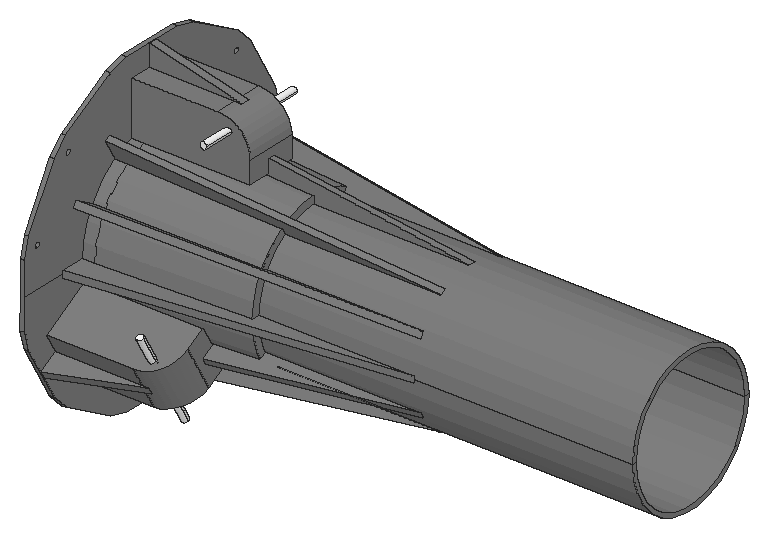
Revit family "H50FWS-RR", category Pipe Accessories, Revit 2016
Family settings
  Part Type = Breaks Into
  Round Connector Dimension = Use Diameter
  Work Plane-Based = No
  Always vertical = No
  Cut with Voids When Loaded = No
  Shared = No
Parameters
  URL = "http://www.snapcollars.com.au"
  Type Comments = ""
  Model = "H50FWS-RR"
  Manufacturer = "Snap Fire Systems"
  Description = "The H50FWS-RR is a high-top, cast-in fire collar for concrete slabs 150mm or thicker."
  Cut Depth Offset [instance] = -1 * (Cut Depth + 1 mm)  # -1 mm
  Cut Depth [instance] = 0 mm
Reference planes
  plane 1 "Center (Front/Back)": y = 0
  plane 2: z = 0
  plane 3 "Center (Left/Right)": x = 20
  plane 4: x = -230
  plane 5: x = -163.372
  plane 6: y = 90.593
  plane 7: y = -50
  plane 8: y = 100.593
  plane 9: y = -60
  plane 10: x = -183.052
  plane 11: x = -79.975
Forms (mm)
  Revolve 1, solid, material "PVC-Black", detail levels medium+fine
    sketch origin (0, 0, 0) x (1, 0, 0) y (0, 1, 0)
      loop
        line (21, -31.5) -> (-152, -31.5) -> (-222.776, -38.749) -> (-230, -38.749) -> (-230, -75) -> (-227.967, -75) -> (-227.967, -40.636) -> (-221.904, -40.636) -> (-152, -36.972) -> (-152, -33.5) -> (21, -33.5) -> (21, -31.5)
      axis (-230, 0) -> (21, 0)
    angle from 0 to 360
  Extrusion 2, void
    sketch origin (-227.967, 0, 0) x (0, 1, 0) y (0, 0, -1)
      loop
        line (-19.703, -73.533) -> (19.703, -73.533) -> (53.83, -53.83) -> (73.533, -19.703) -> (73.533, 19.703) -> (53.83, 53.83) -> (19.703, 73.533) -> (-19.703, 73.533) -> (-53.83, 53.83) -> (-73.533, 19.703) -> (-73.533, -19.703) -> (-53.83, -53.83) -> (-19.703, -73.533)
      loop
        circle (0, 0) r 84.908
    from 0 to 2.033
  Extrusion 3, solid, material "PVC-Black", detail levels medium+fine
    sketch origin (0, 0, 0) x (1, 0, 0) y (0, 0, 1)
      loop
        line (-227.967, 63.668) -> (-227.967, 38.668) -> (-172.967, 38.668) -> (-172.967, 48.668)
        arc (-172.967, 48.668) -> (-177.361, 59.275) -> (-187.967, 63.668) r 15
        line (-187.967, 63.668) -> (-227.967, 63.668)
    from -12 to 12
  Extrusion 4, solid, material "PVC-Black", detail levels fine
    sketch origin (0, 0, 0) x (1, 0, 0) y (0, 0, 1)
      loop
        line (-227.967, 73.533) -> (-227.967, 63.668) -> (-184.924, 63.668) -> (-227.967, 73.533)
    from -2 to 2
  Extrusion 5, solid, material "PVC-White", not visible, detail levels fine
    sketch origin (0, 0, 0) x (1, 0, 0) y (0, 0, 1)
      loop
        line (-80, 60.418) -> (-227.967, 86.048) -> (-227.967, 69.12) -> (-80, 60.418)
    from -1.5 to 1.5
  Extrusion 6, solid, material "PVC-White", not visible, detail levels fine
    sketch origin (0, 0, 0) x (1, 0, 0) y (0, -0.5, 0.866025)
      loop
        line (-80, 60.418) -> (-227.967, 86.048) -> (-227.967, 69.12) -> (-80, 60.418)
    from -1.5 to 1.5
  Extrusion 7, solid, material "PVC-White", not visible, detail levels fine
    sketch origin (0, 0, 0) x (1, 0, 0) y (0, -0.866025, 0.5)
      loop
        line (-80, 60.418) -> (-227.967, 86.048) -> (-227.967, 69.12) -> (-80, 60.418)
    from -1.5 to 1.5
  Extrusion 8, solid, material "PVC-White", not visible, detail levels fine
    sketch origin (0, 0, 0) x (0, -1, 0) y (-1, 0, 0)
      loop
        line (60.418, 80) -> (86.048, 227.967) -> (69.12, 227.967) -> (60.418, 80)
    from -1.5 to 1.5
  Extrusion 9, solid, material "PVC-White", not visible, detail levels fine
    sketch origin (0, 0, 0) x (1, 0, 0) y (0, -0.866025, -0.5)
      loop
        line (-80, 60.418) -> (-227.967, 86.048) -> (-227.967, 69.12) -> (-80, 60.418)
    from -1.5 to 1.5
  Extrusion 10, solid, material "PVC-White", not visible, detail levels fine
    sketch origin (0, 0, 0) x (1, 0, 0) y (0, -0.5, -0.866025)
      loop
        line (-80, 60.418) -> (-227.967, 86.048) -> (-227.967, 69.12) -> (-80, 60.418)
    from -1.5 to 1.5
  Extrusion 11, solid, material "PVC-White", not visible, detail levels fine
    sketch origin (0, 0, 0) x (1, 0, 0) y (0, 0, -1)
      loop
        line (-80, 60.418) -> (-227.967, 86.048) -> (-227.967, 69.12) -> (-80, 60.418)
    from -1.5 to 1.5
  Extrusion 12, solid, material "PVC-White", not visible, detail levels fine
    sketch origin (0, 0, 0) x (1, 0, 0) y (0, 0.5, -0.866025)
      loop
        line (-80, 60.418) -> (-227.967, 86.048) -> (-227.967, 69.12) -> (-80, 60.418)
    from -1.5 to 1.5
  Extrusion 13, solid, material "PVC-White", not visible, detail levels fine
    sketch origin (0, 0, 0) x (1, 0, 0) y (0, 0.866025, -0.5)
      loop
        line (-80, 60.418) -> (-227.967, 86.048) -> (-227.967, 69.12) -> (-80, 60.418)
    from -1.5 to 1.5
  Extrusion 14, solid, material "PVC-White", not visible, detail levels fine
    sketch origin (0, 0, 0) x (1, 0, 0) y (0, 1, 0)
      loop
        line (-80, 60.418) -> (-227.967, 86.048) -> (-227.967, 69.12) -> (-80, 60.418)
    from -1.5 to 1.5
  Extrusion 15, solid, material "PVC-White", not visible, detail levels fine
    sketch origin (0, 0, 0) x (1, 0, 0) y (0, 0.866025, 0.5)
      loop
        line (-80, 60.418) -> (-227.967, 86.048) -> (-227.967, 69.12) -> (-80, 60.418)
    from -1.5 to 1.5
  Extrusion 16, solid, material "PVC-White", not visible, detail levels fine
    sketch origin (0, 0, 0) x (1, 0, 0) y (0, 0.5, 0.866025)
      loop
        line (-80, 60.418) -> (-227.967, 86.048) -> (-227.967, 69.12) -> (-80, 60.418)
    from -1.5 to 1.5
  Extrusion 17, solid, material "PVC-White", detail levels fine
    sketch origin (-25.899, 0, -22.494) x (1, 0, 0) y (0, 0, 1)
      loop
        circle (-157.362, 79.878) r 1.5
    from -26 to 26
  Extrusion 18, solid, material "PVC-Black", detail levels fine
    sketch origin (0, 0, 0) x (1, 0, 0) y (0, 0, -1)
      loop
        line (-80.051, -33.5) -> (-152, -33.5) -> (-152, -36.972) -> (-221.904, -40.606) -> (-227.967, -40.606) -> (-227.967, -51.95) -> (-80.051, -33.5)
    from -1.5 to 1.5
  Extrusion 19, solid, material "PVC-Black", detail levels fine
    sketch origin (0, 0, 0) x (1, 0, 0) y (0, -0.5, -0.866025)
      loop
        line (-80.051, -33.5) -> (-152, -33.5) -> (-152, -36.972) -> (-221.904, -40.606) -> (-227.967, -40.606) -> (-227.967, -51.95) -> (-80.051, -33.5)
    from -1.5 to 1.5
  Extrusion 20, solid, material "PVC-Black", detail levels fine
    sketch origin (0, 0, 0) x (1, 0, 0) y (0, -0.866025, -0.5)
      loop
        line (-80.051, -33.5) -> (-152, -33.5) -> (-152, -36.972) -> (-221.904, -40.606) -> (-227.967, -40.606) -> (-227.967, -51.95) -> (-80.051, -33.5)
    from -1.5 to 1.5
  Extrusion 21, solid, material "PVC-Black", detail levels fine
    sketch origin (0, 0, 0) x (0, -1, 0) y (-1, 0, 0)
      loop
        line (-33.5, 80.051) -> (-33.5, 152) -> (-36.972, 152) -> (-40.606, 221.904) -> (-40.606, 227.967) -> (-51.95, 227.967) -> (-33.5, 80.051)
    from -1.5 to 1.5
  Extrusion 22, solid, material "PVC-Black", detail levels fine
    sketch origin (0, 0, 0) x (1, 0, 0) y (0, -0.866025, 0.5)
      loop
        line (-80.051, -33.5) -> (-152, -33.5) -> (-152, -36.972) -> (-221.904, -40.606) -> (-227.967, -40.606) -> (-227.967, -51.95) -> (-80.051, -33.5)
    from -1.5 to 1.5
  Extrusion 23, solid, material "PVC-Black", detail levels fine
    sketch origin (0, 0, 0) x (1, 0, 0) y (0, -0.5, 0.866025)
      loop
        line (-80.051, -33.5) -> (-152, -33.5) -> (-152, -36.972) -> (-221.904, -40.606) -> (-227.967, -40.606) -> (-227.967, -51.95) -> (-80.051, -33.5)
    from -1.5 to 1.5
  Extrusion 24, solid, material "PVC-Black", detail levels fine
    sketch origin (0, 0, 0) x (1, 0, 0) y (0, 0, 1)
      loop
        line (-80.051, -33.5) -> (-152, -33.5) -> (-152, -36.972) -> (-221.904, -40.606) -> (-227.967, -40.606) -> (-227.967, -51.95) -> (-80.051, -33.5)
    from -1.5 to 1.5
  Extrusion 25, solid, material "PVC-Black", detail levels fine
    sketch origin (0, 0, 0) x (1, 0, 0) y (0, 0.5, 0.866025)
      loop
        line (-80.051, -33.5) -> (-152, -33.5) -> (-152, -36.972) -> (-221.904, -40.606) -> (-227.967, -40.606) -> (-227.967, -51.95) -> (-80.051, -33.5)
    from -1.5 to 1.5
  Extrusion 26, solid, material "PVC-Black", detail levels fine
    sketch origin (0, 0, 0) x (1, 0, 0) y (0, 0.866025, 0.5)
      loop
        line (-80.051, -33.5) -> (-152, -33.5) -> (-152, -36.972) -> (-221.904, -40.606) -> (-227.967, -40.606) -> (-227.967, -51.95) -> (-80.051, -33.5)
    from -1.5 to 1.5
  Extrusion 27, solid, material "PVC-Black", detail levels fine
    sketch origin (0, 0, 0) x (1, 0, 0) y (0, 1, 0)
      loop
        line (-80.051, -33.5) -> (-152, -33.5) -> (-152, -36.972) -> (-221.904, -40.606) -> (-227.967, -40.606) -> (-227.967, -51.95) -> (-80.051, -33.5)
    from -1.5 to 1.5
  Extrusion 28, solid, material "PVC-Black", detail levels fine
    sketch origin (0, 0, 0) x (1, 0, 0) y (0, 0.866025, -0.5)
      loop
        line (-80.051, -33.5) -> (-152, -33.5) -> (-152, -36.972) -> (-221.904, -40.606) -> (-227.967, -40.606) -> (-227.967, -51.95) -> (-80.051, -33.5)
    from -1.5 to 1.5
  Extrusion 29, solid, material "PVC-Black", detail levels fine
    sketch origin (0, 0, 0) x (1, 0, 0) y (0, 0.5, -0.866025)
      loop
        line (-80.051, -33.5) -> (-152, -33.5) -> (-152, -36.972) -> (-221.904, -40.606) -> (-227.967, -40.606) -> (-227.967, -51.95) -> (-80.051, -33.5)
    from -1.5 to 1.5
  Extrusion 30, solid, material "PVC-Black", detail levels medium+fine
    sketch origin (0, 0, 0) x (1, 0, 0) y (0, 0.866025, -0.5)
      loop
        line (-227.967, 63.668) -> (-227.967, 38.668) -> (-172.967, 38.668) -> (-172.967, 48.668)
        arc (-172.967, 48.668) -> (-177.361, 59.275) -> (-187.967, 63.668) r 15
        line (-187.967, 63.668) -> (-227.967, 63.668)
    from -12 to 12
  Extrusion 31, solid, material "PVC-Black", detail levels fine
    sketch origin (0, 0, 0) x (1, 0, 0) y (0, 0.866025, -0.5)
      loop
        line (-227.967, 73.533) -> (-227.967, 63.668) -> (-184.924, 63.668) -> (-227.967, 73.533)
    from -2 to 2
  Extrusion 32, solid, material "PVC-White", detail levels fine
    sketch origin (-25.899, -19.481, 11.247) x (1, 0, 0) y (0, 0.866025, -0.5)
      loop
        circle (-157.362, 79.878) r 1.5
    from -26 to 26
  Extrusion 33, solid, material "PVC-Black", detail levels medium+fine
    sketch origin (0, 0, 0) x (1, 0, 0) y (0, -0.866025, -0.5)
      loop
        line (-227.967, 63.668) -> (-227.967, 38.668) -> (-172.967, 38.668) -> (-172.967, 48.668)
        arc (-172.967, 48.668) -> (-177.361, 59.275) -> (-187.967, 63.668) r 15
        line (-187.967, 63.668) -> (-227.967, 63.668)
    from -12 to 12
  Extrusion 34, solid, material "PVC-Black", detail levels fine
    sketch origin (0, 0, 0) x (1, 0, 0) y (0, -0.866025, -0.5)
      loop
        line (-227.967, 73.533) -> (-227.967, 63.668) -> (-184.924, 63.668) -> (-227.967, 73.533)
    from -2 to 2
  Extrusion 35, solid, material "PVC-White", detail levels fine
    sketch origin (-25.899, 19.481, 11.247) x (1, 0, 0) y (0, -0.866025, -0.5)
      loop
        circle (-157.362, 79.878) r 1.5
    from -26 to 26
  Extrusion 36, void
    sketch origin (-227.967, 0, 0) x (0, -1, 0) y (0, 0, -1)
      loop
        circle (-48.826, -48.292) r 1.5
      loop
        circle (-66.43, -17.409) r 1.5
      loop
        circle (66.235, -18.139) r 1.5
      loop
        circle (48.292, -48.826) r 1.5
    from 0 to -2.033
Cuts and joins
  Extrusion 2, Extrusion 36 cuts Revolve 1
Dimensions and locks
  plane 4 to plane 3 "Center (Left/Right)" = 250 mm
  Extrusion 5 sketch curve to Extrusion 5 sketch curve = 0 mm
  Extrusion 6 sketch curve to Extrusion 6 sketch curve = 0 mm
  Extrusion 7 sketch curve to Extrusion 7 sketch curve = 0 mm
  Extrusion 8 sketch curve to Extrusion 8 sketch curve = 0 mm
  Extrusion 9 sketch curve to Extrusion 9 sketch curve = 0 mm
  Extrusion 10 sketch curve to Extrusion 10 sketch curve = 0 mm
  Extrusion 11 sketch curve to Extrusion 11 sketch curve = 0 mm
  Extrusion 12 sketch curve to Extrusion 12 sketch curve = 0 mm
  Extrusion 13 sketch curve to Extrusion 13 sketch curve = 0 mm
  Extrusion 14 sketch curve to Extrusion 14 sketch curve = 0 mm
  Extrusion 15 sketch curve to Extrusion 15 sketch curve = 0 mm
  Extrusion 16 sketch curve to Extrusion 16 sketch curve = 0 mm
  aligned and locked: level to plane 2
  aligned and locked: plane 1 "Center (Front/Back)" to Revolve 1 sketch curve
Connectors
  piping at (-183.052, 0, 0), diameter 50
    settings: on plane 10, index 4, connector inside diameter 609.6 mm, connector length 0 mm, flow factor 0, pipe flow 0.0 L/s, pressure drop 0.0 Pa, fitting loss kfactor 0, connector angle 0.00°, fixture units 0, engagement length 0 mm, angle of deflection 0.00°, flow configuration 0, flow direction 0, fitting loss method 0, system type 7, joint type 0, gender type 0, connector reference index -1, connector utility 0, adjustable connector no, is connector primary yes, connector description ""
  piping at (-163.372, 0, 0), diameter 50
    settings: on plane 5, index 5, connector inside diameter 609.6 mm, connector length 0 mm, flow factor 0, pipe flow 0.0 L/s, pressure drop 0.0 Pa, fitting loss kfactor 0, connector angle 0.00°, fixture units 0, engagement length 0 mm, angle of deflection 0.00°, flow configuration 0, flow direction 0, fitting loss method 0, system type 7, joint type 0, gender type 0, connector reference index -1, connector utility 0, adjustable connector no, is connector primary no, connector description ""
